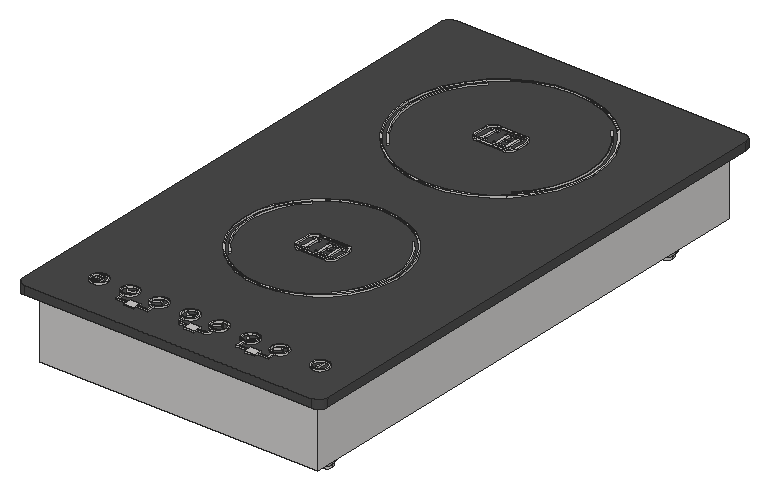
Revit family "QF_Summit_SINC2220_Induction Cooktop", category Specialty Equipment, Revit 2020
Family settings
  Round Connector Dimension = Use Diameter
  Part Type = Normal
  Work Plane-Based = No
  Always vertical = Yes
  Cut with Voids When Loaded = No
  Shared = No
  Room Calculation Point = No
Parameters
  Weight in Pounds = 20
  Watts = 3100 W
  Volts = 230 V
  URL Cutsheet = "www.summitappliance.com"
  URL = "www.summitappliance.com"
  Specification by User = ""
  Specification by Manufacturer = ""
  Serial Number = ""
  Seismic Rating = ""
  SMACNA No = ""
  Revision Code = ""
  Phase = 1
  Number of Poles = 1
  NAFEM Spec ID Number = ""
  Model = "SINC2220"
  Min Ckt Ampacity = 0 A
  Max Overcurrent Protection = 0 A
  Masterspec = ""
  Manufacturer = "Summit"
  Length = 11 3/8"
  Item Number = ""
  Installed By = ""
  Identify Quantity as Lot = yes
  Height = 3 9/16"
  HP = ""
  Furnished By = ""
  Foodservice Equipment Identifier = yes
  FL Amps = 15 A
  Electrical Remarks = ""
  Electric Connection Type = "REC"
  Elec Conn RI Height = 0"
  Elec Conn Connection Height = 0"
  Description = "Induction Cooktop"
  Depth = 20 1/8"
  Default Elevation = 0"
  Cycle = 60 Hz
  Conn Plug = ""
  Conn Conduit = yes
  CSI MasterFormat = ""
  Apparent Power = if(Phase = 3, Volts * FL Amps * 1.73, Volts * FL Amps)  # 3450 VA
Reference planes (in)
  plane 1 "BACK": y = 0
  plane 2: z = 0
  plane 3 "LEFT": x = 0
  plane 4 "RIGHT": x = 11.375
  plane 5 "FRONT": y = -20.125
  plane 6 "TOP": z = 3.5625
  plane 7 "Center Y": x = 5.6875
  plane 8 "Center X": y = -10.0625
  plane 9: z = 3.25
Forms (in)
  Extrusion 1, solid, material "QF_Plastic - Black - Fine Textured"
    sketch origin (0, 0, 1.4375) x (1, 0, 0) y (0, 1, 0)
      loop
        arc (0.32266, 0) -> (0.09451, -0.09451) -> (0, -0.32266) r 0.32266
        line (0, -0.32266) -> (0, -19.80234)
        arc (0, -19.80234) -> (0.09451, -20.03049) -> (0.32266, -20.125) r 0.32266
        line (0.32266, -20.125) -> (11.05234, -20.125)
        arc (11.05234, -20.125) -> (11.28049, -20.03049) -> (11.375, -19.80234) r 0.32266
        line (11.375, -19.80234) -> (11.375, -0.32266)
        arc (11.375, -0.32266) -> (11.28049, -0.09451) -> (11.05234, 0) r 0.32266
        line (11.05234, 0) -> (0.32266, 0)
    from 1.8125 to 2.125
  Extrusion 2, solid, material "QF_Metal - Stainless - Polished"
    sketch origin (-0.0625, 0.1875, 0) x (1, 0, 0) y (0, 1, 0)
      loop
        line (0.5625, -0.6875) -> (0.5625, -19.8125) -> (10.9375, -19.8125) -> (10.9375, -0.6875) -> (0.5625, -0.6875)
    from 0.86908 to 3.25
  Extrusion 3, solid, material "QF_Metal - Stainless - Polished"
    sketch origin (0, 3.79779, 1.46093) x (1, 0, 0) y (0, 1, 0)
      loop
        circle (5.6875, -8.47788) r 3.5
      loop
        circle (5.6875, -8.47788) r 3.44697
      loop
        arc (3.36146, -6.13082) -> (2.37643, -8.47284) -> (3.36146, -10.81486) r 3.27674
        line (3.36146, -10.81486) -> (3.39681, -10.7795)
        arc (3.39681, -10.7795) -> (2.42643, -8.47284) -> (3.39681, -6.16618) r 3.22674
        line (3.39681, -6.16618) -> (3.36146, -6.13082)
      loop
        line (8.01354, -6.13082) -> (7.97819, -6.16618)
        arc (7.97819, -6.16618) -> (8.94857, -8.47284) -> (7.97819, -10.7795) r 3.22674
        line (7.97819, -10.7795) -> (8.01354, -10.81486)
        arc (8.01354, -10.81486) -> (8.99857, -8.47284) -> (8.01354, -6.13082) r 3.27674
    from 2.10157 to 2.15212
  Extrusion 4, solid, material "QF_Metal - Stainless - Polished"
    sketch origin (0.35371, 0.1088, 1.46093) x (1, 0, 0) y (0, 1, 0)
      loop
        circle (9.68421, -18.59406) r 0.30676
      loop
        circle (9.68421, -18.59406) r 0.25914
      loop
        line (9.6479, -18.45004) -> (9.6479, -18.73987) -> (9.72489, -18.73987) -> (9.72489, -18.45004) -> (9.6479, -18.45004)
    from 2.10157 to 2.15212
  Extrusion 5, solid, material "QF_Metal - Stainless - Polished"
    sketch origin (-1.59446, -0.5983, 1.46093) x (1, 0, 0) y (0, 1, 0)
      loop
        circle (3.39132, -17.88695) r 0.30676
      loop
        circle (3.39132, -17.88695) r 0.25914
      loop
        line (3.2283, -17.82134) -> (3.2283, -18.07134) -> (3.52162, -18.07134) -> (3.52162, -17.82134) -> (3.45166, -17.82134) -> (3.45166, -17.72072)
        arc (3.45166, -17.72072) -> (3.36895, -17.65583) -> (3.27652, -17.70592) r 0.09578
        line (3.27652, -17.70592) -> (3.27652, -17.82134) -> (3.2283, -17.82134)
      loop
        line (3.30777, -17.71462) -> (3.30777, -17.82134) -> (3.41772, -17.82134) -> (3.41772, -17.72072)
        arc (3.41772, -17.72072) -> (3.36446, -17.68684) -> (3.30777, -17.71462) r 0.06453
      loop
        line (3.25955, -18.04009) -> (3.49037, -18.04009) -> (3.49037, -17.85259) -> (3.25955, -17.85259) -> (3.25955, -18.04009)
    from 2.10157 to 2.15212
  Extrusion 6, solid, material "QF_Metal - Stainless - Polished"
    sketch origin (7.47997, 3.0906, 0) x (1, 0, 0) y (0, 1, 0)
      loop
        circle (1.39012, -4.10065) r 0.37176
    from 0.72594 to 0.86908
  Extrusion 7, solid, material "QF_Metal - Stainless - Polished"
    sketch origin (0, 4.61677, 1.46093) x (1, 0, 0) y (0, 1, 0)
      loop
        arc (5.23831, -8.75304) -> (5.02159, -8.84281) -> (4.93182, -9.05953) r 0.30649
        line (4.93182, -9.05953) -> (4.93182, -9.49499)
        arc (4.93182, -9.49499) -> (5.02159, -9.71171) -> (5.23831, -9.80148) r 0.30649
        line (5.23831, -9.80148) -> (6.19132, -9.80148)
        arc (6.19132, -9.80148) -> (6.40804, -9.71171) -> (6.49781, -9.49499) r 0.30649
        line (6.49781, -9.49499) -> (6.49781, -9.05953)
        arc (6.49781, -9.05953) -> (6.40804, -8.84281) -> (6.19132, -8.75304) r 0.30649
        line (6.19132, -8.75304) -> (5.23831, -8.75304)
      loop
        arc (5.24432, -8.81554) -> (5.06755, -8.88876) -> (4.99432, -9.06554) r 0.25
        line (4.99432, -9.06554) -> (4.99432, -9.48898)
        arc (4.99432, -9.48898) -> (5.06755, -9.66576) -> (5.24432, -9.73898) r 0.25
        line (5.24432, -9.73898) -> (6.18531, -9.73898)
        arc (6.18531, -9.73898) -> (6.36209, -9.66576) -> (6.43531, -9.48898) r 0.25
        line (6.43531, -9.48898) -> (6.43531, -9.06554)
        arc (6.43531, -9.06554) -> (6.36209, -8.88876) -> (6.18531, -8.81554) r 0.25
        line (6.18531, -8.81554) -> (5.24432, -8.81554)
      loop
        line (5.6875, -8.98592) -> (5.6875, -9.05599) -> (5.747, -9.05599) -> (5.747, -9.55599) -> (5.6875, -9.55599) -> (5.6875, -9.62607) -> (5.93549, -9.62607) -> (5.93549, -9.55599) -> (5.8581, -9.55599) -> (5.8581, -9.31381) -> (6.11555, -9.31381) -> (6.11555, -9.55599) -> (6.03815, -9.55599) -> (6.03815, -9.62607) -> (6.28615, -9.62607) -> (6.28615, -9.55599) -> (6.22665, -9.55599) -> (6.22665, -9.05599) -> (6.28615, -9.05599) -> (6.28615, -8.98592) -> (6.03815, -8.98592) -> (6.03815, -9.05599) -> (6.11555, -9.05599) -> (6.11555, -9.27643) -> (5.8581, -9.27643) -> (5.8581, -9.05599) -> (5.93549, -9.05599) -> (5.93549, -8.98592) -> (5.6875, -8.98592)
      loop
        line (5.17188, -8.98592) -> (5.17188, -9.05599) -> (5.23138, -9.05599) -> (5.23138, -9.55599) -> (5.17188, -9.55599) -> (5.17188, -9.62607) -> (5.41987, -9.62607) -> (5.41987, -9.55599) -> (5.34248, -9.55599) -> (5.34248, -9.05599) -> (5.41987, -9.05599) -> (5.41987, -8.98592) -> (5.17188, -8.98592)
    from 2.10157 to 2.15212
  Extrusion 8, solid, material "QF_Metal - Stainless - Polished"
    sketch origin (0.63952, -0.5983, 1.46093) x (1, 0, 0) y (0, 1, 0)
      loop
        circle (3.39132, -17.88695) r 0.30676
      loop
        circle (3.39132, -17.88695) r 0.25914
      loop
        line (3.39132, -17.71986) -> (3.22149, -17.9624) -> (3.39132, -17.8199) -> (3.56115, -17.9624) -> (3.39132, -17.71986)
    from 2.10157 to 2.15212
  Extrusion 9, solid, material "QF_Metal - Stainless - Polished"
    sketch origin (6.96352, -25.6222, 1.46093) x (-1, 0, 0) y (0, -1, 0)
      loop
        circle (4.01632, -7.13695) r 0.30676
      loop
        circle (4.01632, -7.13695) r 0.25914
      loop
        line (4.01632, -6.96986) -> (3.84649, -7.2124) -> (4.01632, -7.0699) -> (4.18615, -7.2124) -> (4.01632, -6.96986)
    from 2.10157 to 2.15212
  Revolve 10, solid, material "QF_Metal - Stainless - Polished"
    sketch origin (0, -2.125, 0) x (1, 0, 0) y (0, 0, 1)
      loop
        line (1.48729, 0.86908) -> (1.48729, 0) -> (1.69584, 0) -> (1.69584, 0.09145) -> (1.81832, 0.24748) -> (1.81832, 0.86908) -> (1.48729, 0.86908)
      axis (1.48729, 0) -> (1.48729, 0.86908)
    angle from 0 to 360
  Revolve 11, solid, material "QF_Metal - Stainless - Polished"
    sketch origin (12, -2.125, 0) x (-1, 0, 0) y (0, 0, -1)
      loop
        line (2.11229, -0.86908) -> (2.44332, -0.86908) -> (2.44332, -0.24748) -> (2.32084, -0.09145) -> (2.32084, 0) -> (2.11229, 0) -> (2.11229, -0.86908)
      axis (2.11229, 0) -> (2.11229, -0.86908)
    angle from 0 to 360
  Extrusion 12, solid, material "QF_Metal - Stainless - Polished"
    sketch origin (0, -3.68444, 1.46093) x (1, 0, 0) y (0, 1, 0)
      loop
        arc (5.23831, -8.75304) -> (5.02159, -8.84281) -> (4.93182, -9.05953) r 0.30649
        line (4.93182, -9.05953) -> (4.93182, -9.49499)
        arc (4.93182, -9.49499) -> (5.02159, -9.71171) -> (5.23831, -9.80148) r 0.30649
        line (5.23831, -9.80148) -> (6.19132, -9.80148)
        arc (6.19132, -9.80148) -> (6.40804, -9.71171) -> (6.49781, -9.49499) r 0.30649
        line (6.49781, -9.49499) -> (6.49781, -9.05953)
        arc (6.49781, -9.05953) -> (6.40804, -8.84281) -> (6.19132, -8.75304) r 0.30649
        line (6.19132, -8.75304) -> (5.23831, -8.75304)
      loop
        arc (5.24432, -8.81554) -> (5.06755, -8.88876) -> (4.99432, -9.06554) r 0.25
        line (4.99432, -9.06554) -> (4.99432, -9.48898)
        arc (4.99432, -9.48898) -> (5.06755, -9.66576) -> (5.24432, -9.73898) r 0.25
        line (5.24432, -9.73898) -> (6.18531, -9.73898)
        arc (6.18531, -9.73898) -> (6.36209, -9.66576) -> (6.43531, -9.48898) r 0.25
        line (6.43531, -9.48898) -> (6.43531, -9.06554)
        arc (6.43531, -9.06554) -> (6.36209, -8.88876) -> (6.18531, -8.81554) r 0.25
        line (6.18531, -8.81554) -> (5.24432, -8.81554)
      loop
        line (5.6875, -8.98592) -> (5.6875, -9.05599) -> (5.747, -9.05599) -> (5.747, -9.55599) -> (5.6875, -9.55599) -> (5.6875, -9.62607) -> (5.93549, -9.62607) -> (5.93549, -9.55599) -> (5.8581, -9.55599) -> (5.8581, -9.31381) -> (6.11555, -9.31381) -> (6.11555, -9.55599) -> (6.03815, -9.55599) -> (6.03815, -9.62607) -> (6.28615, -9.62607) -> (6.28615, -9.55599) -> (6.22665, -9.55599) -> (6.22665, -9.05599) -> (6.28615, -9.05599) -> (6.28615, -8.98592) -> (6.03815, -8.98592) -> (6.03815, -9.05599) -> (6.11555, -9.05599) -> (6.11555, -9.27643) -> (5.8581, -9.27643) -> (5.8581, -9.05599) -> (5.93549, -9.05599) -> (5.93549, -8.98592) -> (5.6875, -8.98592)
      loop
        line (5.17188, -8.98592) -> (5.17188, -9.05599) -> (5.23138, -9.05599) -> (5.23138, -9.55599) -> (5.17188, -9.55599) -> (5.17188, -9.62607) -> (5.41987, -9.62607) -> (5.41987, -9.55599) -> (5.34248, -9.55599) -> (5.34248, -9.05599) -> (5.41987, -9.05599) -> (5.41987, -8.98592) -> (5.17188, -8.98592)
    from 2.10157 to 2.15212
  Extrusion 13, solid, material "QF_Metal - Stainless - Polished"
    sketch origin (0, -5.13164, 1.46093) x (1, 0, 0) y (0, 1, 0)
      loop
        circle (5.6875, -7.85288) r 2.875
      loop
        circle (5.6875, -7.85288) r 2.83144
      loop
        arc (3.77682, -5.92494) -> (2.9677, -7.84874) -> (3.77682, -9.77254) r 2.69161
        line (3.77682, -9.77254) -> (3.80587, -9.7435)
        arc (3.80587, -9.7435) -> (3.00877, -7.84874) -> (3.80587, -5.95398) r 2.65054
        line (3.80587, -5.95398) -> (3.77682, -5.92494)
      loop
        line (7.59818, -5.92494) -> (7.56913, -5.95398)
        arc (7.56913, -5.95398) -> (8.36623, -7.84874) -> (7.56913, -9.7435) r 2.65054
        line (7.56913, -9.7435) -> (7.59818, -9.77254)
        arc (7.59818, -9.77254) -> (8.4073, -7.84874) -> (7.59818, -5.92494) r 2.69161
    from 2.10157 to 2.15212
  Extrusion 14, solid, material "QF_Metal - Stainless - Polished"
    sketch origin (2.88952, -0.5983, 1.46093) x (1, 0, 0) y (0, 1, 0)
      loop
        circle (3.39132, -17.88695) r 0.30676
      loop
        circle (3.39132, -17.88695) r 0.25914
      loop
        line (3.39132, -17.71986) -> (3.22149, -17.9624) -> (3.39132, -17.8199) -> (3.56115, -17.9624) -> (3.39132, -17.71986)
    from 2.10157 to 2.15212
  Extrusion 15, solid, material "QF_Metal - Stainless - Polished"
    sketch origin (9.21352, -25.6222, 1.46093) x (-1, 0, 0) y (0, -1, 0)
      loop
        circle (4.01632, -7.13695) r 0.30676
      loop
        circle (4.01632, -7.13695) r 0.25914
      loop
        line (4.01632, -6.96986) -> (3.84649, -7.2124) -> (4.01632, -7.0699) -> (4.18615, -7.2124) -> (4.01632, -6.96986)
    from 2.10157 to 2.15212
  Extrusion 16, solid, material "QF_Metal - Stainless - Polished"
    sketch origin (5.13952, -0.5983, 1.46093) x (1, 0, 0) y (0, 1, 0)
      loop
        circle (3.39132, -17.88695) r 0.30676
      loop
        circle (3.39132, -17.88695) r 0.25914
      loop
        line (3.39132, -17.71986) -> (3.22149, -17.9624) -> (3.39132, -17.8199) -> (3.56115, -17.9624) -> (3.39132, -17.71986)
    from 2.10157 to 2.15212
  Extrusion 17, solid, material "QF_Metal - Stainless - Polished"
    sketch origin (11.46352, -25.6222, 1.46093) x (-1, 0, 0) y (0, -1, 0)
      loop
        circle (4.01632, -7.13695) r 0.30676
      loop
        circle (4.01632, -7.13695) r 0.25914
      loop
        line (4.01632, -6.96986) -> (3.84649, -7.2124) -> (4.01632, -7.0699) -> (4.18615, -7.2124) -> (4.01632, -6.96986)
    from 2.10157 to 2.15212
  Extrusion 18, solid, material "QF_Metal - Stainless - Polished"
    sketch origin (6.96352, -25.6222, 1.46093) x (-1, 0, 0) y (0, -1, 0)
      loop
        line (4.07578, -6.83601) -> (4.07578, -6.53313) -> (3.6617, -6.53313) -> (3.6617, -6.40842) -> (3.28742, -6.40842) -> (3.28742, -6.53313) -> (2.87334, -6.53313) -> (2.87334, -6.83601)
        arc (2.87334, -6.83601) -> (2.90722, -6.83126) -> (2.94141, -6.83031) r 0.30676
        line (2.94141, -6.83031) -> (2.94141, -6.59414) -> (3.28742, -6.59414) -> (3.28742, -6.7094) -> (3.6617, -6.7094) -> (3.6617, -6.59414) -> (4.00772, -6.59414) -> (4.00772, -6.83031)
        arc (4.00772, -6.83031) -> (4.04191, -6.83126) -> (4.07578, -6.83601) r 0.30676
    from 2.10157 to 2.15212
  Extrusion 19, solid, material "QF_Metal - Stainless - Polished"
    sketch origin (9.21352, -25.6222, 1.46093) x (-1, 0, 0) y (0, -1, 0)
      loop
        line (3.91619, -6.53313) -> (3.6617, -6.53313) -> (3.6617, -6.40842) -> (3.28742, -6.40842) -> (3.28742, -6.53278) -> (3.0326, -6.53278)
        arc (3.0326, -6.53278) -> (2.92205, -6.59158) -> (2.87786, -6.70874) r 0.17742
        line (2.87786, -6.70874) -> (2.87786, -6.83524)
        arc (2.87786, -6.83524) -> (2.90967, -6.83108) -> (2.94174, -6.83027) r 0.30651
        line (2.94174, -6.83027) -> (2.94174, -6.7085)
        arc (2.94174, -6.7085) -> (2.9752, -6.62772) -> (3.05598, -6.59426) r 0.11424
        line (3.05598, -6.59426) -> (3.28742, -6.59426) -> (3.28742, -6.7094) -> (3.6617, -6.7094) -> (3.6617, -6.59414) -> (3.89329, -6.59414)
        arc (3.89329, -6.59414) -> (3.9742, -6.62765) -> (4.00772, -6.70856) r 0.11442
        line (4.00772, -6.70856) -> (4.00772, -6.83031)
        arc (4.00772, -6.83031) -> (4.03909, -6.83104) -> (4.07022, -6.83496) r 0.30676
        line (4.07022, -6.83496) -> (4.07022, -6.70856)
        arc (4.07022, -6.70856) -> (4.02625, -6.59184) -> (3.91619, -6.53313) r 0.17692
    from 2.10157 to 2.15212
  Extrusion 20, solid, material "QF_Metal - Stainless - Polished"
    sketch origin (11.46352, -25.6222, 1.46093) x (-1, 0, 0) y (0, -1, 0)
      loop
        line (4.07578, -6.83601) -> (4.07578, -6.53313) -> (3.6617, -6.53313) -> (3.6617, -6.40842) -> (3.28742, -6.40842) -> (3.28742, -6.53313) -> (2.87334, -6.53313) -> (2.87334, -6.83601)
        arc (2.87334, -6.83601) -> (2.90722, -6.83126) -> (2.94141, -6.83031) r 0.30676
        line (2.94141, -6.83031) -> (2.94141, -6.59414) -> (3.28742, -6.59414) -> (3.28742, -6.7094) -> (3.6617, -6.7094) -> (3.6617, -6.59414) -> (4.00772, -6.59414) -> (4.00772, -6.83031)
        arc (4.00772, -6.83031) -> (4.04191, -6.83126) -> (4.07578, -6.83601) r 0.30676
    from 2.10157 to 2.15212
  Revolve 21, solid, material "QF_Metal - Stainless - Polished"
    sketch origin (0, -18, 0) x (1, 0, 0) y (0, 0, -1)
      loop
        line (1.48729, -0.86908) -> (1.81832, -0.86908) -> (1.81832, -0.24748) -> (1.69584, -0.09145) -> (1.69584, 0) -> (1.48729, 0) -> (1.48729, -0.86908)
      axis (1.48729, 0) -> (1.48729, -0.86908)
    angle from 0 to 360
  Revolve 22, solid, material "QF_Metal - Stainless - Polished"
    sketch origin (12, -18, 0) x (-1, 0, 0) y (0, 0, 1)
      loop
        line (2.11229, 0.86908) -> (2.11229, 0) -> (2.32084, 0) -> (2.32084, 0.09145) -> (2.44332, 0.24748) -> (2.44332, 0.86908) -> (2.11229, 0.86908)
      axis (2.11229, 0) -> (2.11229, 0.86908)
    angle from 0 to 360
Lines and regions (in)
  symbolic lines
    curve 1: line (11.05234, 0, 0) -> (0.32266, 0, 0)
    curve 2: line (0, -0.32266, 0) -> (0, -19.80234, 0)
    curve 3: arc (0.32266, 0, 0) -> (0.09451, -0.09451, 0) -> (0, -0.32266, 0) r 0.32266
    curve 4: arc (11.375, -0.32266, 0) -> (11.28049, -0.09451, 0) -> (11.05234, 0, 0) r 0.32266
    curve 5: line (11.375, -19.80234, 0) -> (11.375, -0.32266, 0)
    curve 6: arc (11.05234, -20.125, 0) -> (11.28049, -20.03049, 0) -> (11.375, -19.80234, 0) r 0.32266
    curve 7: line (0.32266, -20.125, 0) -> (11.05234, -20.125, 0)
    curve 8: arc (0, -19.80234, 0) -> (0.09451, -20.03049, 0) -> (0.32266, -20.125, 0) r 0.32266
  symbolic lines, style "QF_Undercounter Details"
    curve 9: line (0.5, -0.5, 0) -> (0.5, -19.625, 0)
    curve 10: line (10.875, -0.5, 0) -> (0.5, -0.5, 0)
    curve 11: line (0.5, -19.625, 0) -> (10.75, -19.625, 0)
    curve 12: line (10.875, -19.625, 0) -> (10.875, -0.5, 0)
Dimensions and locks (in)
  equal spacing: plane 3 "LEFT", plane 7 "Center Y", plane 4 "RIGHT"
  "Length": plane 3 "LEFT" to plane 4 "RIGHT"
  equal spacing: plane 5 "FRONT", plane 8 "Center X", plane 1 "BACK"
  "Depth": plane 5 "FRONT" to plane 1 "BACK"
  "Height": plane 6 "TOP" to level
  Extrusion 2 to Extrusion 2 = 19 1/8"
  Extrusion 2 to Extrusion 2 = 10 3/8"
  plane 4 "RIGHT" to plane 3 "LEFT" = 11 3/8"
  Extrusion 2 sketch curve to Extrusion 2 sketch curve = 19 1/8"
  plane 9 to level = 3 1/4"
  plane 6 "TOP" to plane 9 = 5/16"
  aligned and locked: level to plane 2
Automatic sketch dimensions
  curve 3 to plane 3 "LEFT" = 0"
  plane 1 "BACK" to curve 3 = 0"
  plane 5 "FRONT" to curve 7 = 0"
  curve 5 to plane 4 "RIGHT" = 0"
  curve 3 to curve 3 = 0.32266"
  plane 3 "LEFT" to curve 8 = 0.32266"
  curve 8 to curve 9 = 0.17734"  (x2)
  plane 4 "RIGHT" to curve 10 = 1/2"
  plane 4 "RIGHT" to curve 1 = 0.32266"
  plane 4 "RIGHT" to curve 6 = 0.32266"
  curve 10 to curve 3 = 0.17734"
  curve 11 to curve 12 = 1/8"
  curve 11 to curve 12 = 0"
  Extrusion 1 sketch curve to plane 3 "LEFT" = 0"
  plane 1 "BACK" to Extrusion 1 sketch curve = 0"
  plane 5 "FRONT" to Extrusion 1 sketch curve = 0"
  Extrusion 1 sketch curve to plane 4 "RIGHT" = 0"
  plane 3 "LEFT" to Extrusion 1 sketch curve = 0.32266"
  Extrusion 1 sketch curve to Extrusion 1 sketch curve = 0.32266"  (x2)
  plane 4 "RIGHT" to Extrusion 1 sketch curve = 0.32266"
  plane 3 "LEFT" to Extrusion 2 sketch curve = 1/2"
  plane 4 "RIGHT" to Extrusion 2 sketch curve = 1/2"
  Extrusion 2 sketch curve to plane 5 "FRONT" = 1/2"
  plane 1 "BACK" to Extrusion 2 sketch curve = 1/2"
  Extrusion 3 sketch curve to Extrusion 3 sketch curve = 0"  (x6)
  Extrusion 3 sketch curve to plane 7 "Center Y" = 0"
  Extrusion 3 sketch curve to plane 7 "Center Y" = 0.03432"
  Extrusion 3 sketch curve to plane 7 "Center Y" = 2.29069"  (x2)
  Extrusion 3 sketch curve to Extrusion 3 sketch curve = 0.03536"  (x6)
  plane 7 "Center Y" to Extrusion 3 sketch curve = 0.03432"
  plane 7 "Center Y" to Extrusion 3 sketch curve = 2.29069"  (x2)
  plane 8 "Center X" to Extrusion 3 sketch curve = 3.04543"  (x2)
  Extrusion 3 sketch curve to Extrusion 3 sketch curve = 2.30163"
  Extrusion 3 sketch curve to Extrusion 3 sketch curve = 0.00504"  (x2)
  Extrusion 4 sketch curve to Extrusion 4 sketch curve = 0"  (x2)
  plane 4 "RIGHT" to Extrusion 4 sketch curve = 1.37339"
  Extrusion 4 sketch curve to Extrusion 4 sketch curve = 0.03631"
  Extrusion 4 sketch curve to Extrusion 4 sketch curve = 0.07699"
  Extrusion 4 sketch curve to plane 5 "FRONT" = 1.49394"
  Extrusion 4 sketch curve to Extrusion 4 sketch curve = 0.14581"
  Extrusion 4 sketch curve to Extrusion 4 sketch curve = 0.14402"
  Extrusion 5 sketch curve to Extrusion 5 sketch curve = 0"  (x7)
  plane 3 "LEFT" to Extrusion 5 sketch curve = 1.63384"
  Extrusion 5 sketch curve to Extrusion 5 sketch curve = 1/32"  (x4)
  Extrusion 5 sketch curve to Extrusion 5 sketch curve = 0.01698"
  Extrusion 5 sketch curve to Extrusion 5 sketch curve = 0.05311"
  Extrusion 5 sketch curve to Extrusion 5 sketch curve = 0.08355"
  Extrusion 5 sketch curve to Extrusion 5 sketch curve = 0.0264"
  Extrusion 5 sketch curve to Extrusion 5 sketch curve = 0.03394"
  Extrusion 5 sketch curve to Extrusion 5 sketch curve = 0.09905"
  Extrusion 5 sketch curve to plane 5 "FRONT" = 1.45535"
  Extrusion 5 sketch curve to Extrusion 5 sketch curve = 0.15314"
  Extrusion 5 sketch curve to Extrusion 5 sketch curve = 0.03436"
  Extrusion 5 sketch curve to Extrusion 5 sketch curve = 0.06561"
  Extrusion 5 sketch curve to Extrusion 5 sketch curve = 0.07008"
  Extrusion 5 sketch curve to Extrusion 5 sketch curve = 0.03055"
  plane 1 "BACK" to Extrusion 6 sketch curve = 1.01005"
  plane 4 "RIGHT" to Extrusion 6 sketch curve = 2.50491"
  Extrusion 7 sketch curve to plane 7 "Center Y" = 0"  (x2)
  Extrusion 7 sketch curve to plane 7 "Center Y" = 0.26763"  (x2)
  Extrusion 7 sketch curve to Extrusion 7 sketch curve = 0.07739"  (x5)
  Extrusion 7 sketch curve to Extrusion 7 sketch curve = 0.09815"
  Extrusion 7 sketch curve to Extrusion 7 sketch curve = 0.17555"
  Extrusion 7 sketch curve to Extrusion 7 sketch curve = 0.00601"  (x5)
  Extrusion 7 sketch curve to Extrusion 7 sketch curve = 0.00693"
  Extrusion 7 sketch curve to Extrusion 7 sketch curve = 0.0595"  (x5)
  Extrusion 7 sketch curve to Extrusion 7 sketch curve = 0.17755"
  Extrusion 7 sketch curve to Extrusion 7 sketch curve = 1/16"  (x3)
  Extrusion 7 sketch curve to Extrusion 7 sketch curve = 0.1111"  (x2)
  Extrusion 7 sketch curve to Extrusion 7 sketch curve = 0.10266"  (x2)
  Extrusion 7 sketch curve to Extrusion 7 sketch curve = 0.14716"  (x2)
  Extrusion 7 sketch curve to Extrusion 7 sketch curve = 0.03532"
  Extrusion 7 sketch curve to Extrusion 7 sketch curve = 0.14916"
  plane 8 "Center X" to Extrusion 7 sketch curve = 4.87778"
  Extrusion 7 sketch curve to Extrusion 7 sketch curve = 0.11292"  (x2)
  Extrusion 7 sketch curve to Extrusion 7 sketch curve = 0"  (x3)
  Extrusion 7 sketch curve to Extrusion 7 sketch curve = 0.07007"  (x8)
  Extrusion 7 sketch curve to Extrusion 7 sketch curve = 0.061"
  Extrusion 7 sketch curve to Extrusion 7 sketch curve = 0.17518"
  Extrusion 7 sketch curve to Extrusion 7 sketch curve = 0.03738"
  Extrusion 7 sketch curve to Extrusion 7 sketch curve = 0.21089"
  Extrusion 7 sketch curve to Extrusion 7 sketch curve = 0.00353"  (x2)
  Extrusion 7 sketch curve to Extrusion 7 sketch curve = 0.00954"  (x2)
  Extrusion 8 sketch curve to Extrusion 8 sketch curve = 0"  (x5)
  Extrusion 8 sketch curve to plane 7 "Center Y" = 1.82649"
  Extrusion 8 sketch curve to Extrusion 8 sketch curve = 0.16983"  (x2)
  Extrusion 8 sketch curve to plane 5 "FRONT" = 1.56429"
  Extrusion 8 sketch curve to Extrusion 8 sketch curve = 0.07545"
  Extrusion 8 sketch curve to Extrusion 8 sketch curve = 0.06705"
  Extrusion 8 sketch curve to Extrusion 8 sketch curve = 0.10004"
  Extrusion 9 sketch curve to Extrusion 9 sketch curve = 0"  (x5)
  Extrusion 9 sketch curve to plane 7 "Center Y" = 2.57047"
  Extrusion 9 sketch curve to Extrusion 9 sketch curve = 0.16983"  (x2)
  Extrusion 9 sketch curve to plane 5 "FRONT" = 1.7152"
  Extrusion 9 sketch curve to Extrusion 9 sketch curve = 0.07545"
  Extrusion 9 sketch curve to Extrusion 9 sketch curve = 0.06705"
  Extrusion 9 sketch curve to Extrusion 9 sketch curve = 0.10004"
  Revolve 10 sketch curve to level = 0"
  plane 3 "LEFT" to Revolve 10 sketch curve = 1.48729"
  Revolve 10 sketch curve to Revolve 10 sketch curve = 0.20855"  (x2)
  Revolve 10 sketch curve to Revolve 10 sketch curve = 0.33103"
  Revolve 10 sketch curve to Revolve 10 sketch curve = 0.09145"
  Revolve 10 sketch curve to Revolve 10 sketch curve = 0.15603"
  Revolve 10 sketch curve to Revolve 10 sketch curve = 0.62159"
  Revolve 10 sketch curve to Revolve 10 sketch curve = 0.24748"
  Revolve 10 sketch curve to Revolve 10 sketch curve = 0.12873"
  Revolve 11 sketch curve to level = 0"
  plane 4 "RIGHT" to Revolve 11 sketch curve = 1.48729"
  Revolve 11 sketch curve to Revolve 11 sketch curve = 0.20855"  (x2)
  Revolve 11 sketch curve to Revolve 11 sketch curve = 0.33103"
  level to Revolve 11 sketch curve = 0.09145"
  Revolve 11 sketch curve to Revolve 11 sketch curve = 0.15603"
  Revolve 11 sketch curve to Revolve 11 sketch curve = 0.62159"
  level to Revolve 11 sketch curve = 0.24748"
  Revolve 11 sketch curve to Revolve 11 sketch curve = 0.12873"
  Extrusion 12 sketch curve to plane 7 "Center Y" = 0"  (x2)
  Extrusion 12 sketch curve to plane 7 "Center Y" = 0.26763"  (x2)
  Extrusion 12 sketch curve to Extrusion 12 sketch curve = 0.07739"  (x5)
  Extrusion 12 sketch curve to Extrusion 12 sketch curve = 0.09815"
  Extrusion 12 sketch curve to Extrusion 12 sketch curve = 0.17555"
  Extrusion 12 sketch curve to Extrusion 12 sketch curve = 0.00601"  (x5)
  Extrusion 12 sketch curve to Extrusion 12 sketch curve = 0.00693"
  Extrusion 12 sketch curve to Extrusion 12 sketch curve = 0.0595"  (x5)
  Extrusion 12 sketch curve to Extrusion 12 sketch curve = 0.17755"
  Extrusion 12 sketch curve to Extrusion 12 sketch curve = 1/16"  (x3)
  Extrusion 12 sketch curve to Extrusion 12 sketch curve = 0.1111"  (x2)
  Extrusion 12 sketch curve to Extrusion 12 sketch curve = 0.10266"  (x2)
  Extrusion 12 sketch curve to Extrusion 12 sketch curve = 0.14716"  (x2)
  Extrusion 12 sketch curve to Extrusion 12 sketch curve = 0.03532"
  Extrusion 12 sketch curve to Extrusion 12 sketch curve = 0.14916"
  Extrusion 12 sketch curve to plane 8 "Center X" = 3.42342"
  Extrusion 12 sketch curve to Extrusion 12 sketch curve = 0.11292"  (x2)
  Extrusion 12 sketch curve to Extrusion 12 sketch curve = 0"  (x3)
  Extrusion 12 sketch curve to Extrusion 12 sketch curve = 0.07007"  (x8)
  Extrusion 12 sketch curve to Extrusion 12 sketch curve = 0.061"
  Extrusion 12 sketch curve to Extrusion 12 sketch curve = 0.17518"
  Extrusion 12 sketch curve to Extrusion 12 sketch curve = 0.03738"
  Extrusion 12 sketch curve to Extrusion 12 sketch curve = 0.21089"
  Extrusion 12 sketch curve to Extrusion 12 sketch curve = 0.00353"  (x2)
  Extrusion 12 sketch curve to Extrusion 12 sketch curve = 0.00954"  (x2)
  Extrusion 13 sketch curve to Extrusion 13 sketch curve = 0"  (x7)
  Extrusion 13 sketch curve to plane 7 "Center Y" = 0"
  Extrusion 13 sketch curve to plane 7 "Center Y" = 0.0282"
  Extrusion 13 sketch curve to plane 7 "Center Y" = 1.88163"  (x2)
  Extrusion 13 sketch curve to Extrusion 13 sketch curve = 0.02904"  (x6)
  plane 7 "Center Y" to Extrusion 13 sketch curve = 0.0282"
  plane 7 "Center Y" to Extrusion 13 sketch curve = 1.88163"  (x2)
  Extrusion 13 sketch curve to plane 8 "Center X" = 4.84168"
  Extrusion 13 sketch curve to Extrusion 13 sketch curve = 1 57/64"
  Extrusion 13 sketch curve to Extrusion 13 sketch curve = 0.00414"  (x2)
  Extrusion 14 sketch curve to Extrusion 14 sketch curve = 0"  (x5)
  plane 7 "Center Y" to Extrusion 14 sketch curve = 0.42351"
  Extrusion 14 sketch curve to Extrusion 14 sketch curve = 0.16983"  (x2)
  Extrusion 14 sketch curve to plane 5 "FRONT" = 1.56429"
  Extrusion 14 sketch curve to Extrusion 14 sketch curve = 0.07545"
  Extrusion 14 sketch curve to Extrusion 14 sketch curve = 0.06705"
  Extrusion 14 sketch curve to Extrusion 14 sketch curve = 0.10004"
  Extrusion 15 sketch curve to Extrusion 15 sketch curve = 0"  (x5)
  Extrusion 15 sketch curve to plane 7 "Center Y" = 0.32047"
  Extrusion 15 sketch curve to Extrusion 15 sketch curve = 0.16983"  (x2)
  Extrusion 15 sketch curve to plane 5 "FRONT" = 1.7152"
  Extrusion 15 sketch curve to Extrusion 15 sketch curve = 0.07545"
  Extrusion 15 sketch curve to Extrusion 15 sketch curve = 0.06705"
  Extrusion 15 sketch curve to Extrusion 15 sketch curve = 0.10004"
  Extrusion 16 sketch curve to Extrusion 16 sketch curve = 0"  (x5)
  plane 7 "Center Y" to Extrusion 16 sketch curve = 2.67351"
  Extrusion 16 sketch curve to Extrusion 16 sketch curve = 0.16983"  (x2)
  Extrusion 16 sketch curve to plane 5 "FRONT" = 1.56429"
  Extrusion 16 sketch curve to Extrusion 16 sketch curve = 0.07545"
  Extrusion 16 sketch curve to Extrusion 16 sketch curve = 0.06705"
  Extrusion 16 sketch curve to Extrusion 16 sketch curve = 0.10004"
  Extrusion 17 sketch curve to Extrusion 17 sketch curve = 0"  (x5)
  plane 7 "Center Y" to Extrusion 17 sketch curve = 1.92953"
  Extrusion 17 sketch curve to Extrusion 17 sketch curve = 0.16983"  (x2)
  Extrusion 17 sketch curve to plane 5 "FRONT" = 1.7152"
  Extrusion 17 sketch curve to Extrusion 17 sketch curve = 0.07545"
  Extrusion 17 sketch curve to Extrusion 17 sketch curve = 0.06705"
  Extrusion 17 sketch curve to Extrusion 17 sketch curve = 0.10004"
  Extrusion 18 sketch curve to plane 7 "Center Y" = 1.59732"
  Extrusion 18 sketch curve to Extrusion 18 sketch curve = 0.05946"
  Extrusion 18 sketch curve to Extrusion 18 sketch curve = 0.06807"  (x2)
  Extrusion 18 sketch curve to Extrusion 18 sketch curve = 0.34602"  (x2)
  Extrusion 18 sketch curve to Extrusion 18 sketch curve = 0"  (x3)
  Extrusion 18 sketch curve to Extrusion 18 sketch curve = 0.37428"
  Extrusion 18 sketch curve to Extrusion 18 sketch curve = 0.0086"
  Extrusion 18 sketch curve to plane 5 "FRONT" = 1.63975"
  Extrusion 18 sketch curve to Extrusion 18 sketch curve = 0.30094"  (x2)
  Extrusion 18 sketch curve to Extrusion 18 sketch curve = 0.12091"
  Extrusion 18 sketch curve to Extrusion 18 sketch curve = 0.23617"
  Extrusion 18 sketch curve to Extrusion 18 sketch curve = 0.11526"
  Extrusion 18 sketch curve to Extrusion 18 sketch curve = 0.06101"  (x2)
  Extrusion 18 sketch curve to Extrusion 18 sketch curve = 0.1247"
  Extrusion 19 sketch curve to Extrusion 19 sketch curve = 0"  (x3)
  plane 7 "Center Y" to Extrusion 19 sketch curve = 0.64816"
  Extrusion 19 sketch curve to Extrusion 19 sketch curve = 0.05558"
  Extrusion 19 sketch curve to Extrusion 19 sketch curve = 0.06388"
  Extrusion 19 sketch curve to Extrusion 19 sketch curve = 0.09086"
  Extrusion 19 sketch curve to Extrusion 19 sketch curve = 0.11354"
  Extrusion 19 sketch curve to Extrusion 19 sketch curve = 0.02338"
  Extrusion 19 sketch curve to Extrusion 19 sketch curve = 0.23144"
  Extrusion 19 sketch curve to plane 7 "Center Y" = 0.13568"  (x2)
  Extrusion 19 sketch curve to Extrusion 19 sketch curve = 0.23159"
  Extrusion 19 sketch curve to Extrusion 19 sketch curve = 0.0229"
  Extrusion 19 sketch curve to Extrusion 19 sketch curve = 0.11442"
  Extrusion 19 sketch curve to Extrusion 19 sketch curve = 0.0086"
  Extrusion 19 sketch curve to Extrusion 19 sketch curve = 1/16"
  Extrusion 19 sketch curve to plane 5 "FRONT" = 1.63975"
  Extrusion 19 sketch curve to Extrusion 19 sketch curve = 0.00028"
  Extrusion 19 sketch curve to Extrusion 19 sketch curve = 0.30143"
  Extrusion 19 sketch curve to Extrusion 19 sketch curve = 0.30199"
  Extrusion 19 sketch curve to Extrusion 19 sketch curve = 0.12087"
  Extrusion 19 sketch curve to Extrusion 19 sketch curve = 0.12154"
  Extrusion 19 sketch curve to Extrusion 19 sketch curve = 0.12175"
  Extrusion 19 sketch curve to Extrusion 19 sketch curve = 0.00024"
  Extrusion 19 sketch curve to Extrusion 19 sketch curve = 0.1247"
  plane 4 "RIGHT" to Extrusion 20 sketch curve = 2.78482"
  Extrusion 20 sketch curve to Extrusion 20 sketch curve = 0.05946"
  Extrusion 20 sketch curve to Extrusion 20 sketch curve = 0.06807"  (x2)
  Extrusion 20 sketch curve to Extrusion 20 sketch curve = 0.34602"  (x2)
  Extrusion 20 sketch curve to Extrusion 20 sketch curve = 0"  (x3)
  Extrusion 20 sketch curve to Extrusion 20 sketch curve = 0.37428"
  Extrusion 20 sketch curve to Extrusion 20 sketch curve = 0.0086"
  Extrusion 20 sketch curve to plane 5 "FRONT" = 1.63975"
  Extrusion 20 sketch curve to Extrusion 20 sketch curve = 0.30094"  (x2)
  Extrusion 20 sketch curve to Extrusion 20 sketch curve = 0.12091"
  Extrusion 20 sketch curve to Extrusion 20 sketch curve = 0.23617"
  Extrusion 20 sketch curve to Extrusion 20 sketch curve = 0.11526"
  Extrusion 20 sketch curve to Extrusion 20 sketch curve = 0.06101"  (x2)
  Extrusion 20 sketch curve to Extrusion 20 sketch curve = 0.1247"
  Revolve 21 sketch curve to level = 0"
  plane 3 "LEFT" to Revolve 21 sketch curve = 1.48729"
  Revolve 21 sketch curve to Revolve 21 sketch curve = 0.20855"  (x2)
  Revolve 21 sketch curve to Revolve 21 sketch curve = 0.33103"
  level to Revolve 21 sketch curve = 0.09145"
  Revolve 21 sketch curve to Revolve 21 sketch curve = 0.15603"
  Revolve 21 sketch curve to Revolve 21 sketch curve = 0.62159"
  level to Revolve 21 sketch curve = 0.24748"
  Revolve 21 sketch curve to Revolve 21 sketch curve = 0.12873"
  Revolve 22 sketch curve to level = 0"
  plane 4 "RIGHT" to Revolve 22 sketch curve = 1.48729"
  Revolve 22 sketch curve to Revolve 22 sketch curve = 0.20855"  (x2)
  Revolve 22 sketch curve to Revolve 22 sketch curve = 0.33103"
  Revolve 22 sketch curve to Revolve 22 sketch curve = 0.09145"
  Revolve 22 sketch curve to Revolve 22 sketch curve = 0.15603"
  Revolve 22 sketch curve to Revolve 22 sketch curve = 0.62159"
  Revolve 22 sketch curve to Revolve 22 sketch curve = 0.24748"
  Revolve 22 sketch curve to Revolve 22 sketch curve = 0.12873"
  radius of Extrusion 3 sketch curve = 3 1/2"
  radius of Extrusion 3 sketch curve = 3.44697"
  radius of Extrusion 4 sketch curve = 0.30676"
  radius of Extrusion 4 sketch curve = 0.25914"
  radius of Extrusion 5 sketch curve = 0.30676"
  radius of Extrusion 5 sketch curve = 0.25914"
  radius of Extrusion 6 sketch curve = 0.37176"
  radius of Extrusion 8 sketch curve = 0.30676"
  radius of Extrusion 8 sketch curve = 0.25914"
  radius of Extrusion 9 sketch curve = 0.30676"
  radius of Extrusion 9 sketch curve = 0.25914"
  radius of Extrusion 13 sketch curve = 2 7/8"
  radius of Extrusion 13 sketch curve = 2.83144"
  radius of Extrusion 14 sketch curve = 0.30676"
  radius of Extrusion 14 sketch curve = 0.25914"
  radius of Extrusion 15 sketch curve = 0.30676"
  radius of Extrusion 15 sketch curve = 0.25914"
  radius of Extrusion 16 sketch curve = 0.30676"
  radius of Extrusion 16 sketch curve = 0.25914"
  radius of Extrusion 17 sketch curve = 0.30676"
  radius of Extrusion 17 sketch curve = 0.25914"
Connectors (in)
  electrical at (8.87009, -1.01005, 0.72594), driven by "Volts"
    settings: on Extrusion 6, index 1, voltage 230 V, apparent load 0 VA, apparent load phase1 0 VA, apparent load phase2 0 VA, apparent load phase3 0 VA, power factor 1, load classification "Other", number of poles 1, system type 30, power factor state 1, is connector primary yes, connector utility no, sub classification motor no, connector description "Electrical Connection"
